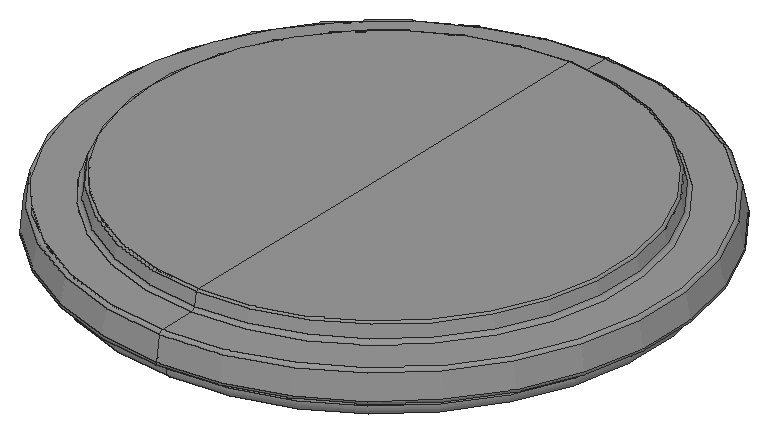
Revit family "FMK13_63_UN_Surface-mounted_ETK", category Lighting Fixtures, Revit 2017 (continued)
Definition of nested family "FMK.1 - Lightsource"
  Types (13, lengths in mm): name | Wattage Comments | Photometric Web File | built-in parameter 1150142 | Apparent Load
      3511\t396.567\t393.4076\t389.4614\t385.2324\t380.3628\r\n375.0971\t369.3074\t362.9584\t356.0822\t348.9057\t341.5547\t333.4658\t324.7233\t315.2043\t305.4599\r\n295.3979\t285.0138\t274.2949\t263.3441\t252.1436\t240.673\t229.1092\t216.7556\t203.6489\t190.6285\r\n177.6172\t164.6138\t151.9279\t138.069\t124.3573\t110.9691\t98.0454\t84.9215\t72.6465\t61.0698\r\n50.4112\t40.6936\t35.2704\t0\t0\t0\r\n405.3384\t404.7358\t403.6054\t401.6444\t399.3643\t396.5593\t393.314\t389.4309\t385.2102\t380.3495\r\n375.0755\t369.3024\t362.9627\t356.1346\t348.8119\t341.1533\t333.0509\t324.8191\t315.78\t306.215\r\n295.8199\t285.344\t274.4807\t263.3654\t252.0105\t240.3294\t228.4188\t216.2955\t204.1547\t190.9552\r\n177.6559\t164.3516\t151.1392\t138.0976\t124.9346\t111.112\t97.7813\t85.0908\t72.4995\t60.8236\r\n50.1998\t40.6227\t31.9768\t0\t0\t0\r\n405.3384\t404.7394\t403.6288\t401.6757\t399.3884\t396.5714\t393.3026\t389.3159\t385.1739\t380.3831\r\n375.0444\t369.2837\t362.956\t356.1295\t348.8706\t341.18\t332.9079\t324.3902\t315.4019\t306.3387\r\n296.4924\t286.1092\t274.9998\t263.7539\t252.2169\t240.3569\t228.2903\t215.9582\t203.4707\t190.8257\r\n178.1521\t164.6391\t151.0517\t137.6572\t124.4578\t111.6543\t98.0732\t84.9738\t72.5741\t60.6864\r\n50.0183\t40.4977\t31.9697\t4.8432\t0\t0\r\n405.3384\t404.7427\t403.6495\t401.7142\t399.4239\t396.6035\t393.3116\t389.2988\t385.0507\t380.3528\r\n375.0118\t369.216\t362.9424\t356.1024\t348.8405\t341.157\t332.9643\t324.4004\t315.2581\t305.8867\r\n296.1029\t285.938\t275.5954\t264.5683\t253.012\t240.8416\t228.6197\t216.12\t203.4137\t190.5511\r\n177.5394\t164.5113\t151.5042\t137.8415\t124.2858\t111.0124\t98.1587\t85.3964\t72.5721\t60.6586\r\n49.8431\t40.3398\t31.931\t24.5537\t0\t0\r\n405.3384\t404.7456\t403.6676\t401.9218\t399.4709\t396.6554\t393.3437\t389.317\t385.04\t380.243\r\n374.8993\t369.1788\t362.9127\t356.0814\t348.8285\t341.0552\t332.9667\t324.3861\t315.3329\t305.9127\r\n296.0531\t285.7481\t275.1336\t264.1996\t252.9355\t241.4903\t229.4495\t216.9446\t203.9312\t190.8555\r\n177.6361\t164.3347\t151.0106\t137.654\t124.597\t111.2218\t97.8665\t85.0744\t72.9905\t60.8587\r\n49.815\t40.1794\t31.9054\t24.5054\t0\t0\r\n405.3384\t404.7481\t403.6828\t401.9564\t399.6914\t396.7268\t393.4009\t389.3708\t385.0755\t380.2591\r\n374.9017\t369.0922\t362.8034\t355.9918\t348.805\t341.0277\t332.9542\t324.3714\t315.323\t305.9089\r\n296.0316\t285.7934\t275.1661\t264.1403\t252.8273\t241.0499\t229.0201\t216.7244\t204.2369\t191.596\r\n178.5079\t164.9396\t151.3939\t137.7973\t124.3337\t110.9506\t97.9162\t85.2011\t72.5165\t60.7879\r\n50.1751\t40.1846\t31.8501\t23.7681\t2.338\t0\r\n405.3384\t404.7502\t403.6952\t401.9835\t399.7343\t396.9809\t393.6545\t389.6213\t385.1579\t380.3298\r\n374.9735\t369.1608\t362.846\t356.0361\t348.7566\t340.9866\t332.8783\t324.3112\t315.2718\t305.9036\r\n296.0215\t285.8004\t275.1776\t264.1337\t252.8169\t241.0716\t228.9767\t216.6471\t204.0279\t191.1324\r\n178.1226\t164.8871\t151.6027\t138.2841\t125.113\t111.6596\t98.1698\t85.1028\t72.5249\t60.7088\r\n49.8427\t40.2477\t31.8931\t21.6048\t12.7168\t0\r\n405.3384\t404.7519\t403.7047\t402.0029\t399.7635\t397.03\t393.713\t389.7065\t385.4214\t380.5969\r\n375.2629\t369.475\t363.1447\t356.3663\t348.9144\t341.1566\t333.0078\t324.4526\t315.4033\t305.9527\r\n296.0665\t285.8226\t275.1844\t264.1482\t252.8009\t241.0835\t228.992\t216.6758\t204.0446\t191.1483\r\n178.0991\t164.8272\t151.446\t137.9974\t124.5467\t111.2577\t98.1105\t85.2503\t72.8411\t61.1518\r\n50.0901\t40.257\t31.8235\t18.932\t9.3489\t0\r\n405.3384\t404.7532\t403.7114\t402.0142\t399.7786\t397.0514\t393.739\t389.7475\t385.4637\t380.6413\r\n375.3272\t369.5568\t363.2361\t356.4824\t349.2137\t341.4886\t333.3185\t324.7975\t315.7614\t306.3155\r\n296.46\t286.2066\t275.5669\t264.5527\t253.1872\t241.5059\t229.4265\t217.1363\t204.5303\t191.6199\r\n178.5573\t165.3425\t151.9521\t138.4682\t125.0895\t111.6993\t98.5664\t85.5623\t73.0265\t61.1343\r\n50.1318\t40.4051\t31.9542\t21.7475\t6.5313\t5.115\r\n405.3384\t404.754\t403.7153\t402.0176\t399.7799\t397.0445\t393.7329\t389.7445\t385.4448\t380.6084\r\n375.2927\t369.5081\t363.1813\t356.4003\t348.9923\t341.2089\t333.0605\t324.4816\t315.4612\t305.9997\r\n296.1643\t285.8652\t275.2287\t264.2095\t252.8526\t241.1526\t229.101\t216.7417\t204.1781\t191.2242\r\n178.2221\t164.9153\t151.5534\t138.1498\t124.6539\t111.3162\t98.1603\t85.2342\t72.8561\t61.1128\r\n50.0588\t40.2091\t31.6937\t20.0166\t8.2012\t0\r\n405.3384\t404.7543\t403.7164\t402.013\t399.7671\t397.0096\t393.6945\t389.6977\t385.2046\t380.352\r\n375.0326\t369.2271\t362.9198\t356.1028\t348.9072\t341.0925\t332.98\t324.3798\t315.392\t305.9858\r\n296.2178\t285.8843\t275.26\t264.2624\t252.9154\t241.2093\t229.1994\t216.7906\t204.2527\t191.2919\r\n178.3227\t165.0516\t151.7425\t138.4595\t125.2028\t111.7417\t98.2552\t85.1615\t72.5973\t60.695\r\n49.8045\t40.1873\t31.7885\t21.7366\t11.2598\t0\r\n405.3384\t404.7542\t403.7146\t402.0006\t399.7406\t396.7678\t393.4611\t389.4878\t385.1447\t380.2959\r\n374.9894\t369.1909\t362.9156\t356.0932\t349.0203\t341.1855\t333.0998\t324.4896\t315.505\t306.0503\r\n296.2967\t285.9572\t275.331\t264.3672\t253.0197\t241.2839\t229.3045\t217.0032\t204.5011\t191.8693\r\n178.7706\t165.2052\t151.6675\t138.0714\t124.5282\t111.1465\t98.0318\t85.3325\t72.6503\t60.8256\r\n50.1888\t40.1684\t31.7403\t23.8387\t2.1341\t0\r\n405.3384\t404.7538\t403.7099\t401.9802\t399.5366\t396.7102\t393.425\t389.473\t385.1305\t380.2987\r\n375.0145\t369.3042\t363.0627\t356.2162\t349.106\t341.2551\t333.1682\t324.5601\t315.5632\t306.141\r\n296.3633\t286.0264\t275.4542\t264.555\t253.2624\t241.8449\t229.7806\t217.3072\t204.2808\t191.2288\r\n177.9866\t164.6878\t151.3619\t138.0114\t124.8764\t111.4955\t98.1121\t85.3017\t73.1816\t61.0006\r\n49.9354\t40.2492\t31.8581\t24.0616\t0\t0\r\n405.3384\t404.7529\t403.7024\t401.7855\t399.5057\t396.672\t393.4155\t389.4941\t385.1611\t380.4304\r\n375.1514\t369.3736\t363.1395\t356.2714\t349.1759\t341.3116\t333.2219\t324.6532\t315.5562\t306.2275\r\n296.4426\t286.3163\t276.0481\t265.0023\t253.4229\t241.2876\t229.0238\t216.5536\t203.8543\t191.005\r\n177.9846\t164.9422\t151.916\t138.291\t124.7136\t111.4068\t98.5597\t85.7613\t72.9154\t60.9832\r\n50.0561\t40.469\t32.0115\t24.4608\t0\t0\r\n405.3384\t404.7516\t403.6921\t401.7609\t399.4864\t396.6542\t393.4316\t389.5502\t385.2972\t380.4985\r\n375.2108\t369.4721\t363.1917\t356.3183\t349.193\t341.3957\t333.2365\t324.7362\t315.7989\t306.7788\r\n296.9084\t286.5675\t275.5271\t264.2722\t252.7027\t240.881\t228.7997\t216.5107\t204.0057\t191.4\r\n178.6746\t165.1736\t151.62\t138.2129\t125.0328\t112.2055\t98.6188\t85.54\t73.0956\t61.0986\r\n50.3019\t40.733\t32.2345\t4.8967\t0\t0\r\n405.3384\t404.75\t403.6788\t401.7433\t399.4783\t396.6572\t393.4722\t389.7044\t385.3553\t380.5675\r\n375.2574\t369.5435\t363.2413\t356.3845\t349.1744\t341.4877\t333.4438\t325.2596\t316.2784\t306.7217\r\n296.3214\t285.8791\t275.0611\t263.9604\t252.5538\t240.9175\t229.0191\t216.9459\t204.7661\t191.62\r\n178.311\t165.0395\t151.8279\t138.8308\t125.6546\t111.8365\t98.5513\t85.8398\t73.1455\t61.3695\r\n50.6583\t41.0273\t32.3467\t0\t0\t0\r\n405.3384\t404.7481\t403.4984\t401.7323\t399.4809\t396.6816\t393.6002\t389.7628\t385.3879\t380.6249\r\n375.3103\t369.6017\t363.2788\t356.4193\t349.3183\t342.0005\t333.9181\t325.234\t315.723\t306.0027\r\n295.9581\t285.6313\t274.9371\t264.0009\t252.7885\t241.3531\t229.8173\t217.4635\t204.4063\t191.4145\r\n178.427\t165.4423\t152.7479\t138.9494\t125.2565\t111.8804\t98.9846\t85.7966\t73.4077\t61.7586\r\n51.0678\t41.3029\t35.9314\t0\t0\t0\r\n405.3384\t404.7459\t403.4868\t401.7275\t399.4939\t396.8049\t393.6964\t389.8271\t385.4477\t380.6827\r\n375.3624\t369.5737\t363.2853\t356.625\t349.7894\t342.1135\t333.759\t324.599\t315.3556\t305.743\r\n295.8442\t285.6417\t275.1541\t264.3786\t253.3631\t242.055\t229.5599\t217.0052\t204.3824\t191.6906\r\n178.9998\t166.3228\t152.4157\t138.7896\t125.4113\t112.3666\t98.8823\t86.0884\t73.8385\t62.2076\r\n51.4507\t41.5049\t9.2672\t0\t0\t0\r\n405.3384\t404.7435\t403.478\t401.7288\t399.5168\t396.8915\t393.7354\t389.8846\t385.51\t380.7375\r\n375.3452\t369.6573\t363.4574\t357.1354\t349.7768\t341.6159\t333.1585\t324.3199\t315.1808\t305.7265\r\n295.9778\t285.8984\t275.6341\t265.1894\t253.7973\t241.5638\t229.4041\t217.1091\t204.7446\t192.3795\r\n179.7114\t165.8581\t152.3268\t139.0102\t125.9366\t112.2715\t99.1358\t86.5458\t74.2047\t62.612\r\n51.7507\t41.5902\t0\t0\t0\t0\r\n405.3384\t404.741\t403.4718\t401.7355\t399.6011\t396.9432\t393.7681\t389.932\t385.5756\t380.7897\r\n375.443\t369.7964\t363.9098\t357.1325\t349.266\t341.3026\t332.9179\t324.2017\t315.1981\t305.9037\r\n296.2962\t286.4176\t276.3927\t264.9598\t253.3075\t241.5117\t229.5688\t217.5503\t205.6807\t192.889\r\n179.2192\t165.8323\t152.6025\t139.6031\t125.8415\t112.4783\t99.6521\t86.8233\t74.5452\t62.9366\r\n51.9651\t45.2945\t0\t0\t0\t0\r\n405.3384\t404.7384\t403.468\t401.7035\t399.6374\t396.995\t393.7953\t389.976\t385.6432\t380.7904\r\n375.5949\t370.2269\t363.9316\t356.6257\t349.0084\t341.1154\t332.8331\t324.2647\t315.4008\t306.248\r\n296.8025\t287.1037\t276.0069\t264.7758\t253.2929\t241.7441\t230.0366\t218.4803\t205.6712\t192.4158\r\n179.2213\t166.1495\t153.2387\t139.4918\t125.9849\t112.9057\t99.9291\t87.1192\t74.8871\t63.2173\r\n52.1109\t27.9746\t0\t0\t0\t0\r\n405.3384\t404.7356\t403.4661\t401.721\t399.6762\t397.0462\t393.8176\t390.0145\t385.6532\t380.9042\r\n376.0431\t370.2884\t363.5098\t356.3413\t348.8597\t341.046\t332.9079\t324.5096\t315.7699\t306.7777\r\n297.4737\t286.6989\t275.8167\t264.7874\t253.5532\t242.2253\t231.0102\t218.411\t205.3993\t192.4497\r\n179.5316\t166.8\t153.159\t139.579\t126.3414\t113.3926\t100.1751\t87.4289\t75.1955\t63.4659\r\n52.2017\t0\t0\t0\t0\t0\r\n405.3384\t404.733\t403.4662\t401.7455\t399.7183\t397.0964\t393.8361\t390.0426\t385.7336\t381.0623\r\n376.1774\t370.1947\t363.2695\t356.1775\t348.8218\t341.077\t333.1051\t324.8433\t316.2831\t307.407\r\n297.0552\t286.507\t275.8559\t265.0142\t254.068\t243.1527\t230.9509\t218.1938\t205.4481\t192.7251\r\n180.2403\t166.8035\t153.224\t139.9046\t126.9133\t113.5219\t100.4126\t87.721\t75.5131\t63.7099\r\n57.0316\t0\t0\t0\t0\t0\r\n405.3384\t404.5716\t403.4386\t401.8549\t399.7644\t397.1477\t393.8153\t390.002\t385.8374\t381.4986\r\n376.1612\t369.7301\t363.0994\t356.1235\t348.8626\t341.2479\t333.4258\t325.2712\t316.9727\t307.0391\r\n296.8833\t286.5553\t276.0726\t265.4683\t254.9632\t243.4246\t230.701\t218.2156\t205.734\t193.2729\r\n180.506\t166.8251\t153.4668\t140.3769\t127.1788\t113.733\t100.6865\t88.0472\t75.8087\t63.919\r\n43.4528\t0\t0\t0\t0\t0\r\n405.3384\t404.5695\t403.4417\t401.8908\t399.8151\t397.1871\t393.8464\t390.0614\t385.9622\t381.6097\r\n376.0288\t369.5594\t362.993\t356.1449\t348.9704\t341.541\t333.8527\t326.0241\t316.6929\t306.8713\r\n296.8954\t286.7633\t276.4678\t266.0998\t255.327\t242.9729\t230.7031\t218.4384\t206.1859\t193.9199\r\n180.3346\t166.9807\t153.8693\t140.944\t127.3398\t114.0243\t101.0379\t88.3884\t76.1048\t64.1488\r\n6.9749\t0\t0\t0\t0\t0\r\n405.3384\t404.5686\t403.4473\t401.9294\t399.8708\t397.2314\t393.888\t390.1481\t386.3292\t381.6146\r\n375.6081\t369.4572\t362.9708\t356.227\t349.1889\t341.9177\t334.6149\t326.1454\t316.446\t306.8487\r\n297.0678\t287.1294\t277.0477\t266.8305\t254.9174\t242.9076\t230.8971\t218.8564\t206.9584\t193.7008\r\n180.4704\t167.3299\t154.3451\t141.0443\t127.5319\t114.3124\t101.4067\t88.7971\t76.469\t71.0786\r\n0\t0\t0\t0\t0\t0\r\n405.3384\t404.569\t403.4551\t401.9709\t399.9722\t397.2767\t393.8644\t390.2693\t386.4315\t381.5224\r\n375.4757\t369.3969\t363.0172\t356.385\t349.5164\t342.3709\t334.9069\t325.7199\t316.401\t306.979\r\n297.3492\t287.6224\t277.9395\t266.5253\t254.8042\t243.0641\t231.2325\t219.4481\t206.9163\t193.7663\r\n180.6898\t167.7888\t154.9305\t141.1807\t127.788\t114.6467\t101.7684\t89.1631\t76.8256\t62.9035\r\n0\t0\t0\t0\t0\t0\r\n405.3384\t404.5705\t403.4652\t402.0157\t400.0296\t397.3244\t393.9524\t390.3898\t386.4749\t381.113\r\n375.39\t369.382\t363.1266\t356.6158\t349.8921\t343.0771\t334.5968\t325.6122\t316.4672\t307.1637\r\n297.7815\t288.4949\t278.1045\t266.4097\t254.8889\t243.3295\t231.7654\t220.041\t206.912\t193.9248\r\n181.0884\t168.4498\t154.9864\t141.4211\t128.0925\t114.9955\t102.1644\t89.5728\t77.2034\t43.5306\r\n0\t0\t0\t0\t0\t0\r\n405.3384\t404.5732\t403.4775\t402.0644\t400.0795\t397.3766\t394.0366\t390.7644\t386.4775\t380.975\r\n375.3478\t369.4303\t363.2985\t356.906\t350.3047\t343.2698\t334.4485\t325.6355\t316.6363\t307.5138\r\n298.2746\t288.9228\t277.7118\t266.4225\t255.1174\t243.7588\t232.5514\t219.9024\t207.0118\t194.237\r\n181.5343\t168.8621\t155.1371\t141.6853\t128.4567\t115.4149\t102.6013\t89.9956\t77.5994\t6.1612\r\n0\t0\t0\t0\t0\t0\r\n405.3384\t404.605\t403.4921\t402.1706\t400.1256\t397.4349\t394.1374\t390.8498\t386.4029\t380.8564\r\n375.3437\t369.5284\t363.5073\t357.2499\t350.9824\t342.9428\t334.3995\t325.7395\t316.8926\t307.9367\r\n299.1107\t288.6921\t277.6635\t266.5801\t255.4385\t244.3047\t232.8477\t219.9489\t207.2573\t194.6292\r\n182.2468\t168.8709\t155.3197\t141.9922\t128.8173\t115.8454\t103.0693\t90.4482\t83.823\t0\r\n0\t0\t0\t0\t0\t0\r\n405.3384\t404.6092\t403.5089\t402.2202\t400.1649\t397.5054\t394.2569\t390.9141\t386.0396\t380.7981\r\n375.3806\t369.6687\t363.7508\t357.6622\t351.1724\t342.8014\t334.443\t325.8965\t317.2661\t308.4567\r\n299.4568\t288.5546\t277.7444\t266.8384\t255.8901\t245.0273\t232.652\t220.0806\t207.5676\t195.1229\r\n182.656\t169.0149\t155.5887\t142.3178\t129.2005\t116.2829\t103.5207\t90.9268\t73.3602\t0\r\n0\t0\t0\t0\t0\t0\r\n405.3384\t404.614\t403.5281\t402.2649\t400.1971\t397.5179\t394.3957\t390.9455\t385.9448\t380.7925\r\n375.4413\t369.8494\t364.0508\t358.3505\t351.161\t342.7657\t334.5401\t326.1385\t317.6475\t309.3183\r\n299.1891\t288.5712\t277.89\t267.2003\t256.4247\t245.3251\t232.6711\t220.2807\t207.9213\t195.8312\r\n182.7021\t169.2073\t155.8647\t142.6715\t129.6369\t116.7502\t103.9952\t91.3868\t55.3711\t0\r\n0\t0\t0\t0\t0\t0\r\n405.3384\t404.6195\t403.5495\t402.3045\t400.1849\t397.5978\t394.5611\t390.9396\t385.8781\t380.8033\r\n375.5216\t370.0613\t364.3857\t358.5968\t350.8049\t342.7895\t334.6808\t326.4772\t318.1163\t309.6303\r\n299.1657\t288.6692\t278.1592\t267.6065\t257.2226\t245.1417\t232.8538\t220.5787\t208.3699\t196.2276\r\n182.7779\t169.4445\t156.1917\t143.0507\t130.0526\t117.1893\t104.4737\t91.888\t14.9821\t0\r\n0\t0\t0\t0\t0\t0\r\n405.3384\t404.6254\t403.6469\t402.3383\t400.2215\t397.6657\t394.9951\t390.922\t385.84\t380.8256\r\n375.6462\t370.3021\t364.75\t358.7051\t350.7659\t342.8768\t334.8803\t326.8245\t318.9273\t309.6814\r\n299.1757\t288.8703\t278.4899\t268.1142\t257.5065\t245.2123\t233.0786\t220.9546\t208.9027\t196.5301\r\n182.9565\t169.6559\t156.4872\t143.4595\t130.5097\t117.6817\t104.9699\t100.108\t0.6502\t0\r\n0\t0\t0\t0\t0\t0\r\n405.3384\t404.6318\t403.6785\t402.3663\t400.2653\t397.732\t395.2235\t390.6501\t385.8302\t380.8791\r\n375.8045\t370.5591\t365.4\t358.3926\t350.7621\t343.0161\t335.1646\t327.2095\t319.3184\t309.3844\r\n299.2447\t289.0934\t278.9038\t268.8799\t257.3545\t245.3439\t233.3422\t221.3813\t209.5947\t196.4708\r\n183.1827\t169.9774\t156.8633\t143.857\t130.9408\t118.1517\t105.4613\t92.7841\t0\t0\r\n0\t0\t0\t0\t0\t0\r\n405.3384\t404.6385\t403.7052\t402.3881\t400.3166\t397.7952\t395.3429\t390.6457\t385.8372\t380.9677\r\n375.9682\t370.8385\t365.6602\t358.3552\t350.8047\t343.1988\t335.4588\t327.6657\t319.4853\t309.4034\r\n299.4263\t289.3714\t279.3274\t269.2917\t257.4272\t245.5406\t233.6779\t221.8454\t209.9683\t196.6268\r\n183.419\t170.2891\t157.2574\t144.3065\t131.442\t118.6656\t105.9935\t80.5222\t0\t0\r\n0\t0\t0\t0\t0\t0\r\n405.3384\t404.6457\t403.7326\t402.3665\t400.4161\t397.857\t395.396\t390.6723\t385.8834\t381.0767\r\n376.1402\t371.1325\t365.8072\t358.3418\t350.9131\t343.3865\t335.8213\t328.3888\t319.2622\t309.4538\r\n299.6286\t289.7446\t279.8181\t269.489\t257.5447\t245.7949\t234.0481\t222.3431\t210.2072\t196.8266\r\n183.6843\t170.6331\t157.653\t144.7457\t131.9283\t119.1863\t106.5168\t64.2232\t0\t0\r\n0\t0\t0\t0\t0\t0\r\n405.3384\t404.653\t403.7604\t402.3925\t400.4719\t397.9008\t395.3299\t390.7762\t385.9545\t381.2013\r\n376.3717\t371.4185\t365.8707\t358.3762\t351.0464\t343.6475\t336.1597\t328.7689\t319.2512\t309.5955\r\n299.8696\t290.1313\t280.5664\t269.3554\t257.7081\t246.0696\t234.4691\t223.0433\t210.1501\t197.0336\r\n183.9883\t170.9859\t158.0592\t145.1996\t132.404\t119.6892\t118.4422\t23.1728\t0\t0\r\n0\t0\t0\t0\t0\t0\r\n405.3384\t404.6607\t403.7887\t402.4189\t400.5194\t397.9841\t395.3017\t390.8021\t386.0595\t381.3509\r\n376.609\t372.0059\t365.5606\t358.4337\t351.2047\t343.9111\t336.5735\t328.9592\t319.3349\t309.7464\r\n300.1592\t290.5524\t280.9613\t269.4605\t257.9307\t246.4161\t234.914\t223.4171\t210.3211\t197.2897\r\n184.2922\t171.347\t158.483\t145.6681\t132.9075\t120.2165\t117.0674\t9.6552\t0\t0\r\n0\t0\t0\t0\t0\t0\r\n405.3384\t404.6686\t403.8173\t402.4487\t400.4786\t398.0829\t395.2688\t390.7871\t386.236\t381.5158\r\n376.8425\t372.2831\t365.5322\t358.5043\t351.3888\t344.1966\t336.967\t329.1152\t319.3903\t309.9762\r\n300.4823\t290.9786\t281.208\t269.6236\t258.201\t246.7695\t235.373\t223.7185\t210.5437\t197.5625\r\n184.62\t171.7433\t158.9199\t146.1384\t133.4045\t120.7201\t112.4944\t0\t0\t0\r\n0\t0\t0\t0\t0\t0\r\n405.3384\t404.6766\t403.8462\t402.4819\t400.4915\t398.4796\t395.2303\t390.7186\t386.3508\t381.7085\r\n377.0908\t372.472\t365.5842\t358.5935\t351.5911\t344.5067\t337.626\t328.8535\t319.5738\t310.1918\r\n300.8214\t291.4589\t281.3564\t269.774\t258.4546\t247.1517\t236.0692\t223.714\t210.7672\t197.8524\r\n184.9795\t172.1582\t159.3682\t146.6102\t133.9159\t121.2568\t105.4062\t0\t0\t0\r\n0\t0\t0\t0\t0\t0\r\n405.3384\t404.6848\t403.8753\t402.5301\t400.5307\t398.583\t395.2103\t390.7119\t386.3893\t381.9396\r\n377.3461\t372.6104\t365.6471\t358.7464\t351.8034\t344.8396\t337.9433\t328.9321\t319.7183\t310.4987\r\n301.2264\t292.1181\t281.2334\t270.0005\t258.7428\t247.5101\t236.4684\t223.8595\t211.0006\t198.1587\r\n185.3479\t172.5544\t159.8035\t147.094\t134.4184\t121.7849\t96.4328\t0\t0\t0\r\n0\t0\t0\t0\t0\t0\r\n405.3384\t404.6931\t403.9067\t402.5674\t400.5765\t398.6722\t394.9664\t390.7235\t386.4539\t382.113\r\n377.6242\t372.7081\t365.7225\t358.9132\t352.048\t345.1659\t338.1961\t329.0359\t319.9072\t310.7682\r\n301.6096\t29
      2.5131\t281.4098\t270.2271\t259.073\t247.9351\t236.8476\t224.0483\t211.2287\t198.4476\r\n185.6936\t172.9579\t160.2642\t147.5784\t134.9349\t122.3252\t86.1454\t0\t0\t0\r\n0\t0\t0\t0\t0\t0\r\n405.3384\t404.7013\t403.9355\t402.6047\t400.6279\t398.7442\t394.9797\t390.7624\t386.5296\t382.2487\r\n377.8767\t372.7829\t365.8114\t359.0821\t352.3163\t345.4969\t338.3782\t329.1822\t320.1148\t311.0453\r\n301.9788\t292.7783\t281.6012\t270.5091\t259.4318\t248.3563\t237.1582\t224.2779\t211.525\t198.7849\r\n186.0555\t173.3757\t160.7092\t148.07\t135.4623\t122.8612\t75.0755\t0\t0\t0\r\n0\t0\t0\t0\t0\t0\r\n405.3384\t404.7096\t403.9642\t402.6417\t400.696\t398.8169\t394.9997\t390.8276\t386.6209\t382.4\r\n378.4045\t372.5543\t365.9079\t359.2494\t352.5682\t345.8699\t338.5647\t329.3189\t320.3594\t311.3938\r\n302.3891\t292.9835\t281.7699\t270.7837\t259.7753\t248.7659\t237.4402\t224.5309\t211.8182\t199.1223\r\n186.4527\t173.7952\t161.1646\t148.546\t135.9422\t136.5574\t36.2712\t0\t0\t0\r\n0\t0\t0\t0\t0\t0\r\n405.3384\t404.7178\t403.9929\t402.6782\t400.7519\t398.8854\t395.026\t390.892\t386.7324\t382.5558\r\n378.6203\t372.6325\t366.0305\t359.4259\t352.8102\t346.4602\t338.6937\t329.5211\t320.6143\t311.6861\r\n302.7765\t293.2351\t282.0305\t271.0823\t260.1226\t249.1874\t237.6911\t224.7942\t212.1326\t199.4867\r\n186.8497\t174.2259\t161.627\t149.0287\t136.4442\t136.3962\t26.9716\t0\t0\t0\r\n0\t0\t0\t0\t0\t0\r\n405.3384\t404.6914\t404.0217\t402.7091\t400.8043\t398.9593\t395.0594\t390.9615\t386.8432\t382.7092\r\n378.801\t372.7103\t366.1644\t359.6071\t353.0451\t346.7466\t338.5155\t329.6953\t320.856\t312.0088\r\n303.4086\t293.141\t282.2549\t271.3663\t260.4867\t249.8243\t237.7137\t225.078\t212.4489\t199.8329\r\n187.2298\t174.6407\t162.0656\t149.4977\t136.955\t135.4145\t19.5256\t0\t0\t0\r\n0\t0\t0\t0\t0\t0\r\n405.3384\t404.7005\t404.0507\t402.746\t400.8525\t399.0149\t395.1063\t391.0352\t386.9537\t382.8571\r\n378.9473\t372.7817\t366.3088\t359.7982\t353.2745\t346.9636\t338.607\t329.856\t321.0835\t312.3124\r\n303.7495\t293.3407\t282.511\t271.6734\t260.8498\t250.2149\t237.9693\t225.3524\t212.7549\t200.1806\r\n187.6084\t175.0519\t162.4906\t149.9475\t137.4166\t133.8797\t13.6311\t0\t0\t0\r\n0\t0\t0\t0\t0\t0\r\n405.3384\t404.7108\t404.0796\t402.7843\t400.8877\t399.06\t395.1456\t391.1188\t387.0668\t382.9967\r\n379.0731\t372.8602\t366.4344\t359.992\t353.5293\t347.231\t338.7751\t330.037\t321.3186\t312.5878\r\n304.0399\t293.5366\t282.7541\t271.985\t261.2033\t250.5727\t238.235\t225.6682\t213.1063\t200.5484\r\n187.9915\t175.44\t162.9051\t150.3796\t137.8499\t132.1112\t9.049\t0\t0\t0\r\n0\t0\t0\t0\t0\t0\r\n405.3384\t404.7219\t404.1089\t402.8238\t400.9307\t399.0883\t395.1801\t391.1927\t387.1857\t383.169\r\n379.2169\t372.9472\t366.5494\t360.1591\t353.7665\t347.4796\t338.9588\t330.2784\t321.6039\t312.9326\r\n304.37\t293.7905\t283.028\t272.2877\t261.5559\t250.9361\t238.5243\t225.9828\t213.451\t200.9164\r\n188.3884\t175.864\t163.3455\t150.8322\t138.3259\t130.4379\t5.5781\t0\t0\t0\r\n0\t0\t0\t0\t0\t0\r\n405.3384\t404.7342\t404.1351\t402.865\t400.9737\t399.12\t395.2037\t391.2563\t387.2891\t383.3216\r\n379.3873\t373.0758\t366.7069\t360.3353\t353.9603\t347.6673\t339.1189\t330.4846\t321.8502\t313.2065\r\n304.6365\t294.0074\t283.3053\t272.5923\t261.8888\t251.2466\t238.8042\t226.288\t213.7758\t201.2543\r\n188.7472\t176.2444\t163.7419\t151.2436\t138.7407\t128.9732\t3.0455\t0\t0\t0\r\n0\t0\t0\t0\t0\t0\r\n405.3384\t404.7473\t404.1652\t402.9077\t401.0164\t399.1498\t395.2384\t391.3183\t387.3793\t383.4461\r\n379.5207\t373.2102\t366.8716\t360.5312\t354.1897\t347.8811\t339.3172\t330.7163\t322.1136\t313.5188\r\n304.9383\t294.2817\t283.5867\t272.897\t262.2085\t251.5646\t239.0978\t226.5986\t214.1015\t201.6074\r\n189.1137\t176.6257\t164.1331\t151.6523\t139.1633\t127.9276\t1.3255\t0\t0\t0\r\n0\t0\t0\t0\t0\t0\r\n405.3384\t404.7615\t404.1956\t402.9517\t401.0448\t399.145\t395.2486\t391.3511\t387.4664\t383.5602\r\n379.6494\t373.3451\t367.0309\t360.7181\t354.3931\t348.0876\t339.524\t330.9519\t322.3792\t313.8076\r\n305.2448\t294.5755\t283.8944\t273.2262\t262.5489\t251.8832\t239.4077\t226.9344\t214.4518\t201.9798\r\n189.4978\t177.0255\t164.5446\t152.064\t139.5954\t127.4356\t0.3276\t0\t0\t0\r\n0\t0\t0\t0\t0\t0" | 12 VA
